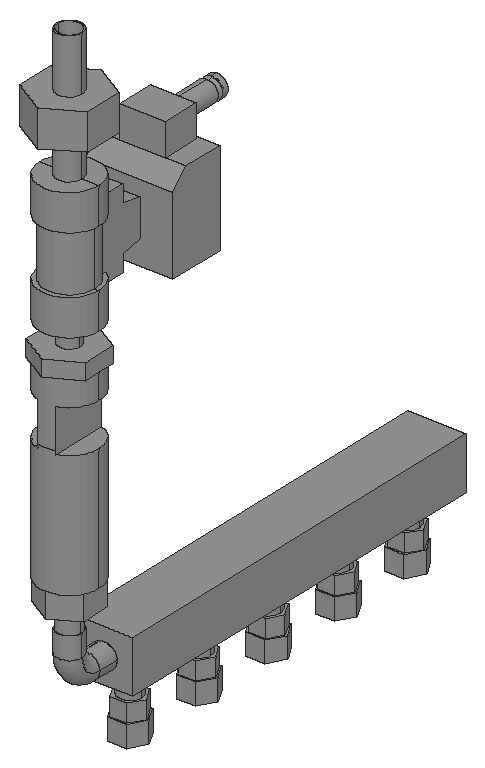
Revit family "MI-200", category Plumbing Fixtures, Revit 2013
Parameters
  material = Plastic
  URL = "www.mifab.com"
  Model = "MI-200"
  Manufacturer = "Mifab"
  Description = "Electronic Trap Seal Primer With Air Gap"
  Body Material = Brass
Reference planes (in)
  plane 1 "Center (Front/Back)": y = 0
  plane 2: z = 0
  plane 3 "Center (Left/Right)": x = 0
  plane 4: z = 10.17932
  plane 5: z = -60.32068
  plane 6: z = -66.32068
  plane 7: z = 46.17932
  plane 8: z = -6.9904
  plane 9: z = -18.9904
  plane 10: z = 82.17932
  plane 11: z = -102.32068
  plane 12: z = 67.17932
  plane 13: z = 57.17932
  plane 14: y = 51
  plane 15: z = 28.17932
  plane 16: y = 12
  plane 17: y = 132
Forms (in)
  Revolve 1, solid, material "Brass" <- "Body Material"
    sketch origin (0, 0, 0) x (1, 0, 0) y (0, 0, 1)
      loop
        line (-8.25, 0) -> (-8.25, -18) -> (-8.25, -53.5) -> (0, -53.5) -> (0, 0) -> (-8.25, 0)
      axis (0, 0) -> (0, -53.5)
    angle from 0 to 360
  Extrusion 2, solid, material "Brass" <- "Body Material"
    sketch origin (0, 0, 0) x (1, 0, 0) y (0, 1, 0)
      loop
        line (-8.25, -4.76314) -> (0, -9.52628) -> (8.25, -4.76314) -> (8.25, 4.76314) -> (0, 9.52628) -> (-8.25, 4.76314) -> (-8.25, -4.76314)
    from 0 to 4.48076
  Extrusion 3, solid, material "Brass" <- "Body Material"
    sketch origin (0, 0, 0) x (1, 0, 0) y (0, 1, 0)
      loop
        circle (0, 0) r 3
    from 4.48076 to 10.17932
  Extrusion 4, void
    sketch origin (0, 0, 0) x (1, 0, 0) y (0, 1, 0)
      loop
        circle (0, 0) r 2.75
    from 0 to 12
  Extrusion 5, solid, material "Brass" <- "Body Material"
    sketch origin (0, 0, 0) x (1, 0, 0) y (0, 1, 0)
      loop
        line (0, -8.25) -> (7.14471, -4.125) -> (7.14471, 4.125) -> (0, 8.25) -> (-7.14471, 4.125) -> (-7.14471, -4.125) -> (0, -8.25)
    from -60.32068 to -53.5
  Extrusion 6, void
    sketch origin (0, 0, 0) x (1, 0, 0) y (0, 1, 0)
      loop
        circle (0, 0) r 6.75
    from -60.32068 to -53.5
  Revolve 7, solid
    sketch origin (0, 0, 0) x (1, 0, 0) y (0, 0, 1)
      loop
        line (0, 0) -> (-4, 0) -> (-4, -2) -> (-1, -2) -> (-1, -4) -> (0, -4) -> (0, 0)
      axis (0, 0) -> (0, -4)
    angle from 0 to 360
  Extrusion 8, solid, material "Stainless Steel"
    sketch origin (0, 0, 0) x (1, 0, 0) y (0, 1, 0)
      loop
        circle (0, 0) r 3.19922
    from -66.32068 to -60.32068
  Revolve 9, solid, material "Iron, Cast"
    sketch origin (0, 0, 0) x (1, 0, 0) y (0, 0, 1)
      loop
        line (0, 10.17932) -> (8.25, 10.17932) -> (8.25, 20.17932) -> (7, 20.17932) -> (7, 36.17932) -> (8.25, 36.17932) -> (8.25, 46.17932) -> (0, 46.17932) -> (0, 10.17932)
      axis (0, 46.17932) -> (0, 10.17932)
    angle from 0 to 360
  Extrusion 10, solid, material "Stainless Steel"
    sketch origin (-1.11713, 0, 0) x (1, 0, 0) y (0, 1, 0)
      loop
        circle (1.11713, 0) r 3.5
      loop
        circle (1.11713, 0) r 3.19922
    from 46.17932 to 82.17932
  Extrusion 11, void
    sketch origin (0, 0, 0) x (1, 0, 0) y (0, 0, 1)
      loop
        line (2.5, -6.9904) -> (2.5, -18.9904) -> (14.5, -18.9904) -> (14.5, -6.9904) -> (2.5, -6.9904)
      loop
        line (-2.5, -6.9904) -> (-14.5, -6.9904) -> (-14.5, -18.9904) -> (-2.5, -18.9904) -> (-2.5, -6.9904)
    from -16.92204 to 12
  Extrusion 12, solid, material "Stainless Steel"
    sketch origin (0, 0, 0) x (1, 0, 0) y (0, 1, 0)
      loop
        circle (0, 0) r 3.5
      loop
        line (0, 10.75) -> (-9.30977, 5.375) -> (-9.30977, -5.375) -> (0, -10.75) -> (9.30977, -5.375) -> (9.30977, 5.375) -> (0, 10.75)
    from 57.17932 to 67.17932
  Extrusion 13, solid, material "Iron, Cast"
    sketch origin (0, 0, 0) x (0, 1, 0) y (0, 0, 1)
      loop
        line (3.26505, 39.26677) -> (3.26505, 17.26677) -> (13.26505, 17.26677) -> (13.26505, 21.84166) -> (19.26505, 23.117) -> (19.26505, 33.41654) -> (13.26505, 34.69188) -> (13.26505, 39.26677) -> (3.26505, 39.26677)
    from -4.05535 to 4.05535
  Extrusion 14, solid, material "Iron, Cast"
    sketch origin (0, 0, 0) x (1, 0, 0) y (0, 0, 1)
      loop
        circle (0, 28.17932) r 1
    from -19.26505 to -38.14634
  Extrusion 15, solid, material "Thermoplastic Resin"
    sketch origin (0, 0, 0) x (0, 1, 0) y (0, 0, 1)
      loop
        line (20.72926, 36.64354) -> (20.72926, 15.17932) -> (37, 15.17932) -> (37, 41.17932) -> (25.26505, 41.17932) -> (20.72926, 36.64354)
    from -12.1497 to 12
  Extrusion 16, solid, material "Thermoplastic Resin"
    sketch origin (0, 0, 0) x (1, 0, 0) y (0, 0, 1)
      loop
        line (-6.31831, 50.17973) -> (-6.31831, 41.17932) -> (6.31831, 41.17932) -> (6.31831, 50.17973) -> (-6.31831, 50.17973)
    from -35.8522 to -25.26505
  Sweep 17, solid, material "Iron, Cast"
    path origin (0, 0, 0) x (0, 1, 0) y (0, 0, 1)
      loop
        line (0, -66.32068) -> (0, -72.32068)
        arc (0, -72.32068) -> (1.75736, -76.56332) -> (6, -78.32068) r 6
        line (6, -78.32068) -> (12, -78.32068)
    profile origin (0, 0, -69.32068) x (1, 0, 0) y (0, 1, 0)
      loop
        circle (0, 0) r 3.5
      loop
        circle (0, 0) r 3.19922
  Extrusion 18, solid, material "Iron, Cast"
    sketch origin (0, 0, 0) x (1, 0, 0) y (0, 0, 1)
      loop
        circle (0, -78.32068) r 3.5
      loop
        circle (0, -78.32068) r 3.19922
    from -132 to -12
  Extrusion 19, solid, material "Plastic" <- "material"
    sketch origin (0, 0, 0) x (1, 0, 0) y (0, 0, 1)
      loop
        line (-8, -71.07068) -> (-8, -85.57068) -> (8, -85.57068) -> (8, -71.07068) -> (-8, -71.07068)
    from -126.7611 to -12
  Extrusion 20, solid, material "Plastic" <- "material"
    sketch origin (0, 0, 0) x (1, 0, 0) y (0, 1, 0)
      loop
        circle (0, 116.7611) r 3.25
      loop
        circle (0, 92.7611) r 3.25
      loop
        circle (0, 68.7611) r 3.25
      loop
        circle (0, 44.7611) r 3.25
      loop
        circle (0, 21.0111) r 3.25
    from -91.48172 to -76.37662
  Extrusion 21, solid, material "Plastic" <- "material"
    sketch origin (0, 0, 0) x (1, 0, 0) y (0, 1, 0)
      loop
        line (2.3094, 112.7611) -> (4.6188, 116.7611) -> (2.3094, 120.7611) -> (-2.3094, 120.7611) -> (-4.6188, 116.7611) -> (-2.3094, 112.7611) -> (2.3094, 112.7611)
      loop
        line (2.3094, 88.7611) -> (4.6188, 92.7611) -> (2.3094, 96.7611) -> (-2.3094, 96.7611) -> (-4.6188, 92.7611) -> (-2.3094, 88.7611) -> (2.3094, 88.7611)
      loop
        line (2.3094, 64.7611) -> (4.6188, 68.7611) -> (2.3094, 72.7611) -> (-2.3094, 72.7611) -> (-4.6188, 68.7611) -> (-2.3094, 64.7611) -> (2.3094, 64.7611)
      loop
        line (2.3094, 40.7611) -> (4.6188, 44.7611) -> (2.3094, 48.7611) -> (-2.3094, 48.7611) -> (-4.6188, 44.7611) -> (-2.3094, 40.7611) -> (2.3094, 40.7611)
      loop
        line (2.3094, 16.94347) -> (4.6188, 20.94347) -> (2.3094, 24.94347) -> (-2.3094, 24.94347) -> (-4.6188, 20.94347) -> (-2.3094, 16.94347) -> (2.3094, 16.94347)
    from -96.4125 to -91.48172
  Extrusion 22, solid, material "Plastic" <- "material"
    sketch origin (0, 0, 0) x (1, 0, 0) y (0, 1, 0)
      loop
        line (2.59808, 112.2611) -> (5.19615, 116.7611) -> (2.59808, 121.2611) -> (-2.59808, 121.2611) -> (-5.19615, 116.7611) -> (-2.59808, 112.2611) -> (2.59808, 112.2611)
    from -102.32068 to -96.4125
  Extrusion 23, solid, material "Plastic" <- "material"
    sketch origin (0, -24, 0) x (1, 0, 0) y (0, 1, 0)
      loop
        line (2.59808, 112.2611) -> (5.19615, 116.7611) -> (2.59808, 121.2611) -> (-2.59808, 121.2611) -> (-5.19615, 116.7611) -> (-2.59808, 112.2611) -> (2.59808, 112.2611)
    from -102.32068 to -96.4125
  Extrusion 24, solid, material "Plastic" <- "material"
    sketch origin (0, -48, 0) x (1, 0, 0) y (0, 1, 0)
      loop
        line (2.59808, 112.2611) -> (5.19615, 116.7611) -> (2.59808, 121.2611) -> (-2.59808, 121.2611) -> (-5.19615, 116.7611) -> (-2.59808, 112.2611) -> (2.59808, 112.2611)
    from -102.32068 to -96.4125
  Extrusion 25, solid, material "Plastic" <- "material"
    sketch origin (0, -72, 0) x (1, 0, 0) y (0, 1, 0)
      loop
        line (2.59808, 112.2611) -> (5.19615, 116.7611) -> (2.59808, 121.2611) -> (-2.59808, 121.2611) -> (-5.19615, 116.7611) -> (-2.59808, 112.2611) -> (2.59808, 112.2611)
    from -102.32068 to -96.4125
  Extrusion 26, solid, material "Plastic" <- "material"
    sketch origin (0, -95.78499, 0) x (1, 0, 0) y (0, 1, 0)
      loop
        line (2.59808, 112.2611) -> (5.19615, 116.7611) -> (2.59808, 121.2611) -> (-2.59808, 121.2611) -> (-5.19615, 116.7611) -> (-2.59808, 112.2611) -> (2.59808, 112.2611)
    from -102.32068 to -96.4125
  Extrusion 27, solid, material "Plastic" <- "material"
    sketch origin (0, 0, 0) x (1, 0, 0) y (0, 0, 1)
      loop
        line (2.3094, -82.32068) -> (4.6188, -78.32068) -> (2.3094, -74.32068) -> (-2.3094, -74.32068) -> (-4.6188, -78.32068) -> (-2.3094, -82.32068) -> (2.3094, -82.32068)
    from -130.49767 to -127.86809
  Extrusion 28, void
    sketch origin (0, 0, 0) x (1, 0, 0) y (0, 0, 1)
      loop
        circle (0, -78.32068) r 3.19922
    from -130.49767 to -12
  Extrusion 29, void
    sketch origin (0, 0, 0) x (1, 0, 0) y (0, 1, 0)
      loop
        circle (0, 116.7611) r 2.75
      loop
        circle (0, 92.7611) r 2.75
      loop
        circle (0, 68.7611) r 2.75
      loop
        circle (0, 44.7611) r 2.75
      loop
        circle (0, 20.98406) r 2.75
    from -85.57068 to -102.32068
  Revolve 30, solid, material "Thermoplastic Resin"
    sketch origin (0, 0, 0) x (0, 1, 0) y (0, 0, 1)
      loop
        line (35.8522, 42.67932) -> (47.46958, 42.67932)
        arc (47.46958, 42.67932) -> (48.3531, 43.29471) -> (49.23663, 42.67932) r 0.94194
        line (49.23663, 42.67932) -> (51, 42.67932) -> (51, 45.67953) -> (35.8522, 45.67953) -> (35.8522, 42.67932)
      axis (35.8522, 45.67953) -> (51, 45.67953)
    angle from 0 to 360
Cuts and joins
  Extrusion 4, Extrusion 6, Extrusion 11 cuts Revolve 1
  Extrusion 4, Extrusion 6 cuts Extrusion 2
  Extrusion 4, Extrusion 6 cuts Extrusion 3
  Extrusion 6 cuts Extrusion 5
  joined: Revolve 1, Extrusion 2, Extrusion 3, Extrusion 5
  Extrusion 28 cuts Extrusion 19
  Extrusion 28 cuts Extrusion 20
  Extrusion 29 cuts Extrusion 22
  Extrusion 29 cuts Extrusion 23
  Extrusion 29 cuts Extrusion 24
  Extrusion 29 cuts Extrusion 25
  Extrusion 29 cuts Extrusion 26
  Extrusion 28 cuts Extrusion 27
  joined: Extrusion 19, Extrusion 20, Extrusion 21, Extrusion 22, Extrusion 23, Extrusion 24, Extrusion 25, Extrusion 26, Extrusion 27
  joined: Extrusion 8, Extrusion 10, Extrusion 12
  Extrusion 28 cuts Sweep 17
  joined: Revolve 9, Extrusion 13, Extrusion 14, Sweep 17, Extrusion 18
  joined: Extrusion 15, Extrusion 16, Revolve 30
Dimensions and locks (in)
  locked: Extrusion 2 sketch curve to plane 3 "Center (Left/Right)" at 8.25  (x2)
  locked: Extrusion 5 sketch curve to plane 3 "Center (Left/Right)" at 7.14471  (x2)
  locked: plane 4 to plane 5 at 70.5
  locked: plane 4 to level at 10.17932
  locked: plane 5 to plane 6 at 6
  locked: plane 7 to Revolve 9 sketch curve at 36
  locked: plane 9 to plane 8 at 12
  equal spacing: Extrusion 11 sketch curve, plane 3 "Center (Left/Right)", Extrusion 11 sketch curve
  locked: plane 10 to plane 4 at 72
  locked: plane 10 to plane 11 at 184.5
  locked: plane 10 to plane 12 at 15
  locked: plane 12 to plane 13 at 10
  equal spacing: Extrusion 13, plane 3 "Center (Left/Right)", Extrusion 13
  locked: plane 1 "Center (Front/Back)" to plane 14 at 51
  locked: plane 15 to level at 28.17932
  locked: Extrusion 14 to plane 14 at 12.85366
  locked: Extrusion 15 to plane 14 at 14
  equal spacing: Extrusion 16 sketch curve, plane 3 "Center (Left/Right)", Extrusion 16 sketch curve, locked at 6.31831 each
  aligned and locked: level to plane 2
  aligned and locked: Revolve 1 sketch curve to level
  aligned and locked: Extrusion 2 to level
  aligned and locked: plane 3 "Center (Left/Right)" to Extrusion 3 sketch curve
  aligned and locked: plane 1 "Center (Front/Back)" to Extrusion 3 sketch curve
  aligned and locked: Extrusion 3 to Extrusion 2
  aligned and locked: plane 3 "Center (Left/Right)" to Extrusion 4 sketch curve
  aligned and locked: plane 1 "Center (Front/Back)" to Extrusion 4 sketch curve
  aligned and locked: Extrusion 4 to level
  aligned and locked: Extrusion 6 to Revolve 1
  aligned and locked: plane 3 "Center (Left/Right)" to Extrusion 6 sketch curve
  aligned and locked: plane 1 "Center (Front/Back)" to Extrusion 6 sketch curve
  aligned and locked: Extrusion 5 to plane 5
  aligned and locked: Extrusion 8 to plane 6
  aligned and locked: Revolve 9 sketch curve to Revolve 9 sketch curve
  aligned and locked: Revolve 9 sketch curve to plane 3 "Center (Left/Right)"  (x2)
  aligned and locked: Extrusion 10 to Revolve 9
  aligned and locked: Revolve 1 sketch curve to plane 3 "Center (Left/Right)"
  aligned and locked: plane 10 to Extrusion 10
  aligned and locked: plane 1 "Center (Front/Back)" to Extrusion 12 sketch curve
  aligned and locked: plane 12 to Extrusion 12
  aligned and locked: Extrusion 12 to plane 13
  aligned and locked: Extrusion 13 sketch curve to Extrusion 13 sketch curve
  aligned and locked: plane 3 "Center (Left/Right)" to Extrusion 14 sketch curve
  aligned and locked: plane 15 to Extrusion 14 sketch curve
  aligned and locked: Extrusion 18 to Sweep 17
  aligned and locked: Extrusion 18 to plane 17
  aligned and locked: Extrusion 22 to plane 11
  aligned and locked: Extrusion 27 to Extrusion 28
  aligned and locked: Extrusion 28 to Sweep 17
  aligned and locked: Extrusion 29 to Extrusion 22
Automatic sketch dimensions
  Revolve 1 sketch curve to plane 3 "Center (Left/Right)" = 0' - 0"
  plane 5 to Revolve 1 sketch curve = 0' - 6.82068"
  Revolve 1 sketch curve to plane 3 "Center (Left/Right)" = 0' - 8 1/4"
  plane 9 to Revolve 1 sketch curve = 0' - 0.9904"
  plane 11 to Revolve 1 sketch curve = 1' - 5.32068"
  plane 4 to Revolve 1 sketch curve = 1' - 3.82068"
  Extrusion 2 sketch curve to plane 3 "Center (Left/Right)" = 0' - 0"  (x2)
  plane 1 "Center (Front/Back)" to Extrusion 2 sketch curve = 0' - 9.52628"
  plane 1 "Center (Front/Back)" to Extrusion 2 sketch curve = 0' - 4.76314"  (x2)
  Extrusion 2 sketch curve to plane 1 "Center (Front/Back)" = 0' - 4.76314"  (x2)
  Extrusion 2 sketch curve to plane 16 = 0' - 2.47372"
  Extrusion 5 sketch curve to plane 3 "Center (Left/Right)" = 0' - 0"  (x2)
  plane 1 "Center (Front/Back)" to Extrusion 5 sketch curve = 0' - 8 1/4"
  plane 1 "Center (Front/Back)" to Extrusion 5 sketch curve = 0' - 4 1/8"  (x2)
  Extrusion 5 sketch curve to plane 1 "Center (Front/Back)" = 0' - 4 1/8"  (x2)
  Extrusion 5 sketch curve to plane 16 = 0' - 3 3/4"
  Revolve 7 sketch curve to level = 0' - 0"
  Revolve 7 sketch curve to plane 3 "Center (Left/Right)" = 0' - 0"  (x2)
  Revolve 7 sketch curve to plane 3 "Center (Left/Right)" = 0' - 1"
  plane 8 to Revolve 7 sketch curve = 0' - 2.9904"
  Revolve 7 sketch curve to Revolve 7 sketch curve = 0' - 3"
  Revolve 7 sketch curve to level = 0' - 2"
  plane 8 to Revolve 7 sketch curve = 0' - 0.9904"
  Revolve 7 sketch curve to Revolve 7 sketch curve = 0' - 2.24038"
  Extrusion 8 sketch curve to plane 3 "Center (Left/Right)" = 0' - 0"
  Revolve 9 sketch curve to plane 7 = 0' - 0"
  plane 3 "Center (Left/Right)" to Revolve 9 sketch curve = 0' - 7"
  plane 4 to Revolve 9 sketch curve = 0' - 10"
  plane 3 "Center (Left/Right)" to Revolve 9 sketch curve = 0' - 8 1/4"
  Revolve 9 sketch curve to Revolve 9 sketch curve = 0' - 1 1/4"
  Revolve 9 sketch curve to Revolve 9 sketch curve = 0' - 10"
  level to Revolve 9 sketch curve = 0' - 4.48076"
  Revolve 9 sketch curve to plane 13 = 0' - 5"
  Extrusion 10 sketch curve to Extrusion 10 sketch curve = 0' - 0"  (x2)
  plane 1 "Center (Front/Back)" to Extrusion 10 sketch curve = 0' - 0"
  Extrusion 10 sketch curve to plane 3 "Center (Left/Right)" = 0' - 0"
  Extrusion 11 sketch curve to plane 8 = 0' - 0"  (x2)
  Extrusion 11 sketch curve to plane 9 = 0' - 0"  (x2)
  Extrusion 11 sketch curve to plane 3 "Center (Left/Right)" = 1' - 2 1/2"
  Extrusion 11 sketch curve to plane 3 "Center (Left/Right)" = 0' - 2 1/2"
  Extrusion 11 sketch curve to Extrusion 11 sketch curve = 1' - 0"
  Extrusion 12 sketch curve to plane 3 "Center (Left/Right)" = 0' - 0"  (x3)
  plane 1 "Center (Front/Back)" to Extrusion 12 sketch curve = 0' - 10 3/4"
  Extrusion 12 sketch curve to plane 3 "Center (Left/Right)" = 0' - 9.30977"
  plane 3 "Center (Left/Right)" to Extrusion 12 sketch curve = 0' - 9.30977"
  plane 1 "Center (Front/Back)" to Extrusion 12 sketch curve = 0' - 5 3/8"  (x2)
  Extrusion 12 sketch curve to plane 1 "Center (Front/Back)" = 0' - 5 3/8"  (x2)
  Extrusion 12 sketch curve to plane 16 = 0' - 1 1/4"
  Extrusion 13 sketch curve to plane 1 "Center (Front/Back)" = 0' - 3.26505"
  plane 4 to Extrusion 13 sketch curve = 0' - 7.08745"
  plane 16 to Extrusion 13 sketch curve = 0' - 1.26505"
  Extrusion 13 sketch curve to Extrusion 13 sketch curve = 0' - 6"
  Extrusion 13 sketch curve to Extrusion 13 sketch curve = 0' - 4.57489"  (x2)
  Extrusion 13 sketch curve to Extrusion 13 sketch curve = 0' - 1.27534"  (x2)
  Extrusion 13 sketch curve to Extrusion 13 sketch curve = 0' - 10.29955"
  plane 16 to Extrusion 15 sketch curve = 0' - 8.72926"
  plane 4 to Extrusion 15 sketch curve = 0' - 5"
  Extrusion 15 sketch curve to Extrusion 15 sketch curve = 0' - 4.53579"
  Extrusion 15 sketch curve to Extrusion 15 sketch curve = 0' - 11.73495"
  Extrusion 15 sketch curve to plane 13 = 1' - 8.53579"
  Extrusion 15 sketch curve to plane 13 = 1' - 4"
  Extrusion 16 sketch curve to plane 3 "Center (Left/Right)" = 0' - 6.31831"
  Extrusion 16 sketch curve to plane 13 = 1' - 4"
  Extrusion 16 sketch curve to plane 13 = 0' - 6.9996"
  Sweep 17 sketch curve to plane 1 "Center (Front/Back)" = 0' - 0"
  Sweep 17 sketch curve to plane 1 "Center (Front/Back)" = 0' - 6"
  Sweep 17 sketch curve to plane 6 = 1' - 0"
  Sweep 17 sketch curve to plane 16 = 0' - 0"
  Sweep 17 sketch curve to plane 6 = 0' - 0"
  Sweep 17 sketch curve to Sweep 17 sketch curve = 0' - 0"  (x2)
  Sweep 17 sketch curve to plane 3 "Center (Left/Right)" = 0' - 0"
  profile plane to Sweep 17 sketch curve = 0' - 0"
  Extrusion 18 sketch curve to Extrusion 18 sketch curve = 0' - 0"  (x2)
  plane 3 "Center (Left/Right)" to Extrusion 18 sketch curve = 0' - 0"
  Extrusion 18 sketch curve to plane 6 = 1' - 0"
  Extrusion 19 sketch curve to plane 3 "Center (Left/Right)" = 0' - 8"
  plane 11 to Extrusion 19 sketch curve = 1' - 4 3/4"
  plane 3 "Center (Left/Right)" to Extrusion 19 sketch curve = 0' - 8"
  Extrusion 19 sketch curve to plane 6 = 0' - 4 3/4"
  Extrusion 20 sketch curve to plane 3 "Center (Left/Right)" = 0' - 0"  (x5)
  plane 16 to Extrusion 20 sketch curve = 0' - 9.0111"
  Extrusion 20 sketch curve to plane 14 = 0' - 6.2389"
  plane 14 to Extrusion 20 sketch curve = 1' - 5.7611"
  Extrusion 20 sketch curve to Extrusion 20 sketch curve = 2' - 0"
  plane 17 to Extrusion 20 sketch curve = 1' - 3.2389"
  Extrusion 21 sketch curve to plane 3 "Center (Left/Right)" = 0' - 4.6188"  (x5)
  plane 3 "Center (Left/Right)" to Extrusion 21 sketch curve = 0' - 2.3094"  (x10)
  plane 16 to Extrusion 21 sketch curve = 0' - 4.94347"
  Extrusion 21 sketch curve to plane 3 "Center (Left/Right)" = 0' - 2.3094"  (x10)
  Extrusion 21 sketch curve to Extrusion 21 sketch curve = 0' - 2.3094"  (x2)
  plane 3 "Center (Left/Right)" to Extrusion 21 sketch curve = 0' - 4.6188"  (x3)
  Extrusion 21 sketch curve to Extrusion 21 sketch curve = 0' - 4"  (x14)
  Extrusion 21 sketch curve to plane 14 = 0' - 10.2389"
  Extrusion 21 sketch curve to plane 14 = 0' - 2.2389"
  plane 14 to Extrusion 21 sketch curve = 1' - 1.7611"
  Extrusion 21 sketch curve to Extrusion 21 sketch curve = 1' - 4"  (x2)
  Extrusion 22 sketch curve to plane 3 "Center (Left/Right)" = 0' - 5.19615"
  plane 3 "Center (Left/Right)" to Extrusion 22 sketch curve = 0' - 2.59808"  (x2)
  plane 17 to Extrusion 22 sketch curve = 1' - 7.7389"
  Extrusion 22 sketch curve to plane 3 "Center (Left/Right)" = 0' - 2.59808"  (x2)
  plane 3 "Center (Left/Right)" to Extrusion 22 sketch curve = 0' - 5.19615"
  Extrusion 22 sketch curve to Extrusion 22 sketch curve = 0' - 4 1/2"  (x3)
  Extrusion 23 sketch curve to plane 3 "Center (Left/Right)" = 0' - 5.19615"
  plane 3 "Center (Left/Right)" to Extrusion 23 sketch curve = 0' - 2.59808"  (x2)
  plane 14 to Extrusion 23 sketch curve = 3' - 1.2611"
  Extrusion 23 sketch curve to plane 3 "Center (Left/Right)" = 0' - 2.59808"  (x2)
  plane 3 "Center (Left/Right)" to Extrusion 23 sketch curve = 0' - 5.19615"
  Extrusion 23 sketch curve to Extrusion 23 sketch curve = 0' - 4 1/2"  (x3)
  Extrusion 24 sketch curve to plane 3 "Center (Left/Right)" = 0' - 5.19615"
  plane 3 "Center (Left/Right)" to Extrusion 24 sketch curve = 0' - 2.59808"  (x2)
  plane 14 to Extrusion 24 sketch curve = 1' - 1.2611"
  Extrusion 24 sketch curve to plane 3 "Center (Left/Right)" = 0' - 2.59808"  (x2)
  plane 3 "Center (Left/Right)" to Extrusion 24 sketch curve = 0' - 5.19615"
  Extrusion 24 sketch curve to Extrusion 24 sketch curve = 0' - 4 1/2"  (x3)
  Extrusion 25 sketch curve to plane 3 "Center (Left/Right)" = 0' - 5.19615"
  plane 3 "Center (Left/Right)" to Extrusion 25 sketch curve = 0' - 2.59808"  (x2)
  Extrusion 25 sketch curve to plane 14 = 0' - 10.7389"
  Extrusion 25 sketch curve to plane 3 "Center (Left/Right)" = 0' - 2.59808"  (x2)
  plane 3 "Center (Left/Right)" to Extrusion 25 sketch curve = 0' - 5.19615"
  Extrusion 25 sketch curve to Extrusion 25 sketch curve = 0' - 4 1/2"  (x2)
  Extrusion 25 sketch curve to plane 14 = 0' - 1.7389"
  Extrusion 26 sketch curve to plane 3 "Center (Left/Right)" = 0' - 5.19615"
  plane 16 to Extrusion 26 sketch curve = 0' - 4.47612"
  Extrusion 26 sketch curve to plane 3 "Center (Left/Right)" = 0' - 2.59808"  (x2)
  plane 3 "Center (Left/Right)" to Extrusion 26 sketch curve = 0' - 2.59808"  (x2)
  plane 3 "Center (Left/Right)" to Extrusion 26 sketch curve = 0' - 5.19615"
  Extrusion 26 sketch curve to Extrusion 26 sketch curve = 0' - 4 1/2"  (x3)
  Extrusion 27 sketch curve to plane 3 "Center (Left/Right)" = 0' - 4.6188"
  plane 3 "Center (Left/Right)" to Extrusion 27 sketch curve = 0' - 2.3094"  (x2)
  Extrusion 27 sketch curve to plane 6 = 1' - 4"
  Extrusion 27 sketch curve to plane 3 "Center (Left/Right)" = 0' - 2.3094"  (x2)
  Extrusion 27 sketch curve to Extrusion 27 sketch curve = 0' - 2.3094"
  Extrusion 27 sketch curve to Extrusion 27 sketch curve = 0' - 4"  (x3)
  plane 3 "Center (Left/Right)" to Extrusion 28 sketch curve = 0' - 0"
  Extrusion 28 sketch curve to plane 6 = 1' - 0"
  Extrusion 29 sketch curve to plane 3 "Center (Left/Right)" = 0' - 0"  (x5)
  plane 16 to Extrusion 29 sketch curve = 0' - 8.98406"
  Extrusion 29 sketch curve to plane 14 = 0' - 6.2389"
  plane 14 to Extrusion 29 sketch curve = 1' - 5.7611"
  Extrusion 29 sketch curve to Extrusion 29 sketch curve = 2' - 0"
  plane 17 to Extrusion 29 sketch curve = 1' - 3.2389"
  plane 1 "Center (Front/Back)" to Extrusion 8 sketch curve = 0' - 0"
  Revolve 30 sketch curve to plane 14 = 0' - 0"
  Revolve 30 sketch curve to plane 13 = 1' - 2 1/2"
  Revolve 30 sketch curve to plane 14 = 0' - 1.76337"
  Revolve 30 sketch curve to Revolve 30 sketch curve = 0' - 1.76704"
  Revolve 30 sketch curve to Revolve 30 sketch curve = 0' - 11.61738"
  Revolve 30 sketch curve to Revolve 30 sketch curve = 0' - 2 3/4"
  Revolve 30 sketch curve to Revolve 30 sketch curve = 0' - 0.88352"
  plane 14 to Revolve 30 sketch curve = 0' - 3.1022"
  Revolve 30 sketch curve to Revolve 30 sketch curve = 0' - 3.0002"
  Revolve 30 sketch curve to Revolve 30 sketch curve = 0' - 0.32656"
  Revolve 30 sketch curve to Revolve 30 sketch curve = 0' - 0"
  radius of Extrusion 3 sketch curve = 0' - 3"
  radius of Extrusion 4 sketch curve = 0' - 2 3/4"
  radius of Extrusion 6 sketch curve = 0' - 6 3/4"
  radius of Extrusion 8 sketch curve = 0' - 3 51/256"
  radius of Extrusion 10 sketch curve = 0' - 3 1/2"
  radius of Extrusion 10 sketch curve = 0' - 3 51/256"
  radius of Extrusion 12 sketch curve = 0' - 3 1/2"
  radius of Extrusion 14 sketch curve = 0' - 1"
  radius of Sweep 17 sketch curve = 0' - 3 1/2"
  radius of Sweep 17 sketch curve = 0' - 3 51/256"
  radius of Extrusion 18 sketch curve = 0' - 3 1/2"
  radius of Extrusion 18 sketch curve = 0' - 3 51/256"
  radius of Extrusion 20 sketch curve = 0' - 3 1/4"  (x5)
  radius of Extrusion 28 sketch curve = 0' - 3 51/256"
  radius of Extrusion 29 sketch curve = 0' - 2 3/4"  (x5)
